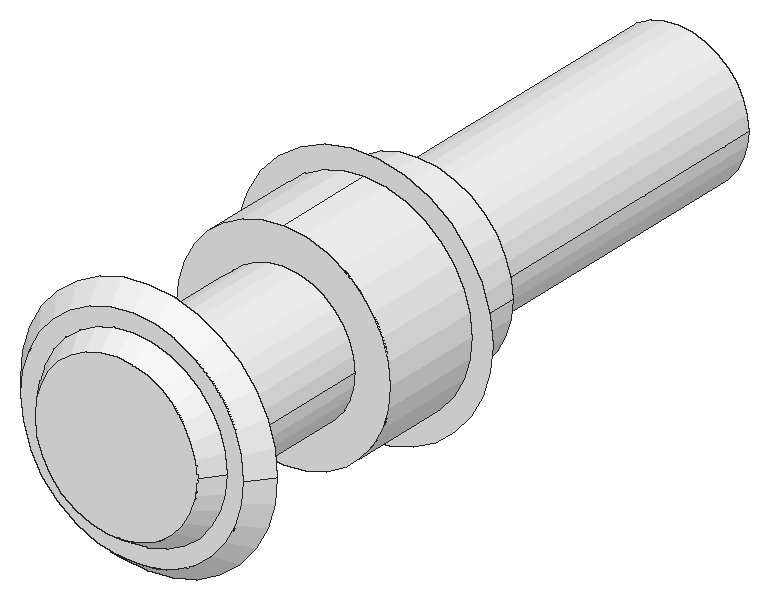
Revit family "NBS_WallgateLtd_ShwrMxrs_PBA050-51-SHWR", category Plumbing Fixtures, Revit 2014
Parameters (values of type "PBA050-CWC")
  Weight = "0.25 kg"
  WaterSupplyFittingMaterial = NBS_Concept
  WarrantyStartDate [instance] = "1900-12-31T23:59:59"
  WarrantyGuarantorParts = "n/a"
  WarrantyGuarantorLabor = "n/a"
  WarrantyDurationUnit = "year"
  WarrantyDurationParts = "1"
  WarrantyDurationLabor = "n/a"
  WarrantyDescription = "n/a"
  WallThicknessOptions = "10-85 mm"
  WallThickness [instance] = 25 mm
  Version = "3"  # constant formula
  ValveOperation = "Other"
  ValveMechanism = "Unset"
  Uniclass2 = "45-31-93/491"
  ThirdPartyCertification = "Ministry of Justice Safer Cell Approval"
  TestPressure = "0.0"
  TagNumber [instance] = "n/a"
  SustainabilityPerformance = "n/a"
  Size = "21.0"
  Shape = "n/a"
  SerialNumber [instance] = "n/a"
  Revision = "n/a"
  ReplacementCost = "n/a"
  Reference = "n/a"
  ProductInformation = "www.wallgate.com/document-centre/docmenu-washroom-controls/docmenu-controls-piezo-activation/doccat-piezo-activation-buttons"
  Operation = "Piezo push button"
  OperatingMechanismMaterial = "n/a"
  NominalWidth = 38 mm
  NominalLength = 98 mm
  NominalHeight = 38 mm
  Name = "WCFlushingValves_PBA050-CWC_WallgateLtd"
  NBSTypeID = "n/a"
  NBSReference = "45-35-70/389"
  NBSOfficeMasterTag = "n/a"
  NBSNote = "n/a"
  NBSDescription = "WC flushing valves"
  NBSCertification = "www.nationalbimlibrary.com/cert/2uvif5zq"
  ModelReference = "n/a"
  ModelNumber = "PBA050-CWC"
  Material = "n/a"
  ManufacturerURL = "www.wallgate.com"
  ManufacturerName = "Wallgate Ltd"  # constant formula
  Manufacturer = "sales@wallgate.com"
  IsHighPressure = no
  IntegralAccessoryOptions = "CISTFV Electronic cisterns, FVA Non-Potable Direct Flush Valves, DFKIT Potable Direct Flush Valves, WVC Flush Valve Cables, WDC Electronic Controllers, WVPS Shower Water Valve Pack, MV0001 Thermostatic Mixer Valve"
  IntegralAccessories = "n/a"
  InstallationDate [instance] = "1900-12-31T23:59:59"
  IfcExportType = "FLUSHING"  # constant formula
  IfcExportAs = "IfcValveType"  # constant formula
  HasIntegralShutOffDevice = no
  Grade = "n/a"
  Form = "n/a"
  FlushingRate = 0
  FlowCoefficient = 0
  Finish = "Stainless steel"
  Features = "Anti-ligature design, highly vandal-resistant"
  ExpectedLife = "n/a"
  DurationUnit = "year"
  Description = "Electronic activation single flush WC piezo touch button"
  Constituents = "n/a"
  Color = "n/a"
  CodePerformance = "n/a"
  CloseOffRating = 0
  Category = "n/a"
  CableLength = "4000 mm"
  BodyMaterial = "Stainless steel"
  BarCode [instance] = "n/a"
  BIMObjectName = "NBS_WallgateLtd_WCFlushingValves_PBA050-CWC"
  Author = "NBS"  # constant formula
  AssetType = "Fixed"
  AssetIdentifier [instance] = "n/a"
  AccessibilityPerformance = "n/a"
Types (3, lengths in mm): name | WaterSupplyFittingMaterial | WallThicknessOptions | NominalLength | Name | ModelNumber | BIMObjectName
  (no name) | NBS_Concept | "10-85 mm" | 98 | "WCFlushingValves_PBA050-CWC_WallgateLtd" | "PBA050-CWC" | "NBS_WallgateLtd_WCFlushingValves_PBA050-CWC"
  PBA050-CWC | NBS_Concept | "10-85 mm" | 98 | "WCFlushingValves_PBA050-CWC_WallgateLtd" | "PBA050-CWC" | "NBS_WallgateLtd_WCFlushingValves_PBA050-CWC"
  PBA051-CWC | none | "85-190 mm" | 203 | "WCFlushingValves_PBA051-CWC_Wallgate" | "PBA051-CWC" | "NBS_WallgateLtd_WCFlushingValves_PBA051-CWC"
Reference planes
  plane 1 "Center (Front/Back)": y = 0
  plane 2: z = 0
  plane 3 "Center (Left/Right)": x = 0
Dimensions and locks
  aligned and locked: level to plane 2
  aligned and locked: plane 1 "Center (Front/Back)" to nested 1
  aligned and locked: plane 3 "Center (Left/Right)" to nested 1
  aligned and locked: plane 2 to nested 1
Nested families
  nested 1: "NBS_WallgateLtd_Vlves_PBA050-PBA051" at (0, 0, 0), WallThickness <- "WallThickness", NominalLength <- "NominalLength", type "NBS_WallgateLtd_Vlves_PBA050-PBA051"
    with WallThickness 25 mm, SpacerRequiredCalc 15 mm, SpacerRequired yes, NominalLength 98 mm
Connectors
  electrical at (0, 98, 0), driven by "CableLength"
    settings: on nested 1, index 1, voltage 0 V, apparent load 0 VA, apparent load phase1 0 VA, apparent load phase2 0 VA, apparent load phase3 0 VA, power factor 1, load classification "Other", number of poles 1, system type 13, power factor state 1, is connector primary yes, connector utility no, sub classification motor no, connector description "4000 mm"
Definition of nested family "NBS_WallgateLtd_Vlves_PBA050-PBA051"
  Parameters (values of type "NBS_WallgateLtd_Vlves_PBA050-PBA051")
    WaterSupplyFittingMaterial = NBS_Concept
    WallThickness [instance] = 25 mm
    SpacerRequiredCalc [instance] = if(WallThickness < 25.1 mm, 15 mm, 0 mm)  # 15 mm
    SpacerRequired [instance] = if(and(WallThickness < 25.1 mm, NominalLength < 99 mm), 0 < 1, 1 < 0)  # yes
    NominalLength [instance] = 98 mm
    Manufacturer = ""
    Description = ""
  Reference planes
    plane 1 "Center (Front/Back)": y = 0
    plane 2: z = 0
    plane 3 "Center (Left/Right)": x = 0
    plane 4 "Face": y = -6
    plane 5 "Wall Thickness": y = 25
    plane 6 "SpacerThickness": y = 40
    plane 7: y = 98
  Forms (mm)
    Extrusion 1, solid, material "NBS_Concept" <- "WaterSupplyFittingMaterial"
      sketch origin (0, 0, 0) x (1, 0, 0) y (0, 0, 1)
        loop
          circle (0, 0) r 10.5
      from 0 to -98
    SweptBlend 2, solid, material "NBS_Concept" <- "WaterSupplyFittingMaterial"
      path origin (0, 0, 0) x (1, 0, 0) y (0, 1, 0)
        loop
          line (0, 0) -> (0, -3)
      profile origin (0, 0, 0) x (1, 0, 0) y (0, 0, 1)
        loop
          circle (0, 0) r 19.05
      end profile origin (0, -3, 0) x (1, 0, 0) y (0, 0, 1)
        loop
          circle (0, 0) r 16.55
    SweptBlend 3, solid, material "NBS_Concept" <- "WaterSupplyFittingMaterial", detail levels medium+fine
      path origin (0, 0, 0) x (1, 0, 0) y (0, 1, 0)
        loop
          line (0, -3) -> (0, -6)
      profile origin (0, -3, 0) x (1, 0, 0) y (0, 0, 1)
        loop
          circle (0, 0) r 14
      end profile origin (0, -6, 0) x (1, 0, 0) y (0, 0, 1)
        loop
          circle (0, 0) r 12
    Extrusion 4, solid, material "NBS_Concept" <- "WaterSupplyFittingMaterial", visible <- "SpacerRequired", detail levels fine
      sketch origin (0, 25, 0) x (0, 0, 1) y (-1, 0, 0)
        loop
          circle (0, 0) r 15.875
        loop
          circle (0, 0) r 10.5
      from 0 to -15
    SweptBlend 5, solid, material "NBS_Concept" <- "WaterSupplyFittingMaterial", detail levels fine
      path origin (0, 0, 0) x (1, 0, 0) y (0, 1, 0)
        loop
          line (0, 40) -> (0, 42.5)
      profile origin (0, 40, 0) x (-1, 0, 0) y (0, 0, 1)
        loop
          circle (0, 0) r 19
      end profile origin (0, 42.5, 0) x (-1, 0, 0) y (0, 0, 1)
        loop
          circle (0, 0) r 14.5
    Extrusion 6, solid, material "NBS_Concept" <- "WaterSupplyFittingMaterial", detail levels fine
      sketch origin (0, 40, 0) x (-1, 0, 0) y (0, 0, 1)
        loop
          circle (0, 0) r 14
      from 2.5 to 9.9
    Extrusion 7, void
      sketch origin (0, 25, 0) x (0, 0, 1) y (-1, 0, 0)
        loop
          circle (0, 0) r 10.5
      from -73 to 25
  Cuts and joins
    Extrusion 7 cuts Extrusion 4
    Extrusion 7 cuts SweptBlend 5
    Extrusion 7 cuts Extrusion 6
  Lines and regions (mm)
    Masking region 1
      outline origin (0, 25, 0) x (0, 0, 1) y (-1, 0, 0)
        loop
          circle (0, 0) r 19.05
    model lines, detail levels fine
      curve 1: circle (0, -6, 0) r 10.5 normal (0, 1, 0)
    symbolic lines
      curve 2: circle (0, 25, 0) r 16.55 normal (0, -1, 0)
      curve 4: arc (-14, 0, 0) -> (0, 0, 14) -> (14, 0, 0) r 14
      curve 5: arc (14, 0, 0) -> (0, 0, -14) -> (-14, 0, 0) r 14
    symbolic lines, detail levels fine
      curve 3: circle (0, 25, 0) r 12 normal (0, -1, 0)
  Dimensions and locks
    "WallThickness": plane 5 "Wall Thickness" to plane 1 "Center (Front/Back)"
    "SpacerRequiredCalc": plane 5 "Wall Thickness" to plane 6 "SpacerThickness"
    "NominalLength": plane 1 "Center (Front/Back)" to plane 7
    aligned and locked: level to plane 2
    aligned and locked: plane 1 "Center (Front/Back)" to Extrusion 7
    aligned and locked: SweptBlend 5 to plane 6 "SpacerThickness"
    aligned and locked: curve 4 to SweptBlend 3
    aligned and locked: curve 5 to SweptBlend 3
    aligned and locked: Extrusion 7 to Extrusion 1
    aligned and locked: Extrusion 1 to plane 7
  Automatic sketch dimensions
    curve 1 to level = 0 mm
    curve 1 to plane 3 "Center (Left/Right)" = 0 mm
    Extrusion 1 sketch curve to level = 0 mm
    Extrusion 1 sketch curve to plane 3 "Center (Left/Right)" = 0 mm
    SweptBlend 2 sketch curve to plane 3 "Center (Left/Right)" = 0 mm
    plane 1 "Center (Front/Back)" to SweptBlend 2 sketch curve = 0 mm
    plane 1 "Center (Front/Back)" to SweptBlend 2 sketch curve = 3 mm
    SweptBlend 2 sketch curve to level = 0 mm  (x2)
    profile plane to SweptBlend 2 sketch curve = 0 mm  (x2)
    SweptBlend 3 sketch curve to plane 3 "Center (Left/Right)" = 0 mm
    SweptBlend 3 sketch curve to plane 4 "Face" = 0 mm
    plane 1 "Center (Front/Back)" to SweptBlend 3 sketch curve = 3 mm
    SweptBlend 3 sketch curve to level = 0 mm  (x2)
    profile plane to SweptBlend 3 sketch curve = 0 mm  (x2)
    Extrusion 4 sketch curve to level = 0 mm
    Extrusion 4 sketch curve to plane 3 "Center (Left/Right)" = 0 mm
    SweptBlend 5 sketch curve to level = 0 mm  (x2)
    SweptBlend 5 sketch curve to profile plane = 0 mm  (x2)
    Extrusion 7 sketch curve to level = 0 mm
    Extrusion 7 sketch curve to plane 3 "Center (Left/Right)" = 0 mm
    Extrusion 6 sketch curve to level = 0 mm
    Extrusion 6 sketch curve to plane 3 "Center (Left/Right)" = 0 mm
    SweptBlend 5 sketch curve to plane 3 "Center (Left/Right)" = 0 mm
    SweptBlend 5 sketch curve to plane 6 "SpacerThickness" = 0 mm
    SweptBlend 5 sketch curve to SweptBlend 5 sketch curve = 2.5 mm
    Masking region 1 sketch curve to level = 0 mm
    Masking region 1 sketch curve to plane 3 "Center (Left/Right)" = 0 mm
    curve 2 to curve 3 = 0 mm  (x2)
    curve 3 to level = 0 mm
    curve 3 to plane 3 "Center (Left/Right)" = 0 mm
    Extrusion 4 sketch curve to Extrusion 4 sketch curve = 0 mm  (x2)
    radius of curve 1 = 10.5 mm
    radius of Extrusion 1 sketch curve = 10.5 mm
    radius of SweptBlend 2 sketch curve = 19.05 mm
    radius of SweptBlend 2 sketch curve = 16.55 mm
    radius of SweptBlend 3 sketch curve = 14 mm
    radius of SweptBlend 3 sketch curve = 12 mm
    radius of Extrusion 4 sketch curve = 15.875 mm
    radius of SweptBlend 5 sketch curve = 19 mm
    radius of SweptBlend 5 sketch curve = 14.5 mm
    radius of Extrusion 7 sketch curve = 10.5 mm
    radius of Extrusion 6 sketch curve = 14 mm
    radius of Masking region 1 sketch curve = 19.05 mm
    radius of curve 2 = 16.55 mm
    radius of curve 3 = 12 mm
    radius of Extrusion 4 sketch curve = 10.5 mm
